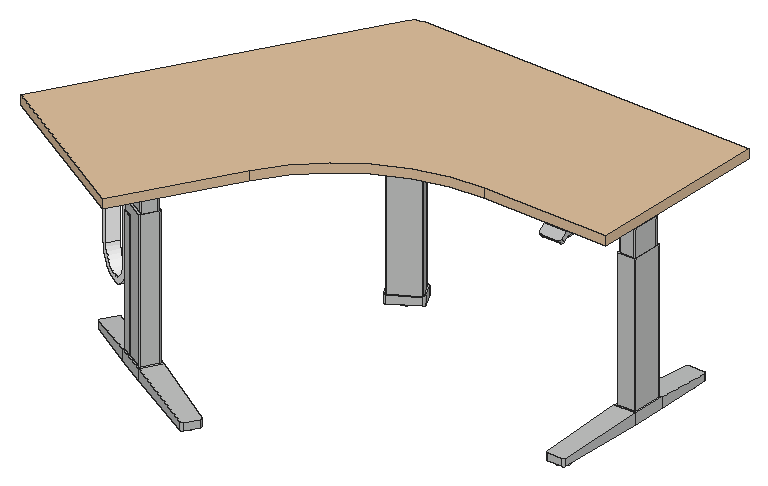
Revit family "Table-Teknion-JNTV-Navigate_Height_Adjustable_120-R2018", category Furniture, Revit 2018 (continued)
Dimensions and locks (in)
  aligned and locked: Sweep 14 sketch curve to plane 3 "Center Left/Right"
  aligned and locked: plane 3 "Center Left/Right" to Sweep 15 sketch curve
  aligned and locked: plane 23 to Sweep 15 sketch curve
  aligned and locked: plane 22 to Sweep 15 sketch curve
  aligned and locked: plane 1 "Center Front/Back" to Sweep 16 sketch curve
  aligned and locked: plane 25 to Sweep 16 sketch curve
  aligned and locked: Sweep 17 sketch curve to plane 16 "B Side Front/Back"
  aligned and locked: plane 26 to Sweep 17 sketch curve
  aligned and locked: plane 8 "Top" to Sweep 18 sketch curve
  aligned and locked: plane 3 "Center Left/Right" to Sweep 18 sketch curve
  aligned and locked: plane 23 to Sweep 18 sketch curve
  aligned and locked: Sweep 18 sketch curve to plane 6 "Back"
  aligned and locked: plane 5 "Right" to Sweep 18 sketch curve
  aligned and locked: Sweep 18 sketch curve to plane 15
  aligned and locked: Sweep 18 sketch curve to plane 14
  aligned and locked: Sweep 18 sketch curve to plane 11
  aligned and locked: Sweep 18 sketch curve to plane 13
  aligned and locked: plane 8 "Top" to Sweep 19 sketch curve
  aligned and locked: plane 23 to Sweep 19 sketch curve
  aligned and locked: Sweep 19 sketch curve to plane 3 "Center Left/Right"
  aligned and locked: plane 8 "Top" to Sweep 20 sketch curve
  aligned and locked: plane 23 to Sweep 20 sketch curve
  aligned and locked: Sweep 20 sketch curve to plane 3 "Center Left/Right"
  aligned and locked: plane 19 to Sweep 21 sketch curve
  aligned and locked: plane 3 "Center Left/Right" to Sweep 21 sketch curve
  aligned and locked: plane 18 to Sweep 21 sketch curve
  aligned and locked: Sweep 22 sketch curve to plane 1 "Center Front/Back"
  aligned and locked: plane 12 to Sweep 22 sketch curve
  aligned and locked: plane 9 to Sweep 23 sketch curve
  aligned and locked: plane 16 "B Side Front/Back" to Sweep 23 sketch curve
  aligned and locked: plane 3 "Center Left/Right" to Sweep 24 sketch curve
  aligned and locked: plane 18 to Sweep 24 sketch curve
  aligned and locked: Sweep 25 sketch curve to plane 1 "Center Front/Back"
  aligned and locked: plane 12 to Sweep 25 sketch curve
  aligned and locked: plane 9 to Sweep 26 sketch curve
  aligned and locked: plane 16 "B Side Front/Back" to Sweep 26 sketch curve
  aligned and locked: plane 1 "Center Front/Back" to Sweep 27 sketch curve
  aligned and locked: plane 3 "Center Left/Right" to SweptBlend 28 sketch curve
  aligned and locked: plane 19 to Sweep 29 sketch curve
  aligned and locked: plane 3 "Center Left/Right" to Sweep 29 sketch curve
  aligned and locked: plane 3 "Center Left/Right" to Sweep 30 sketch curve
  aligned and locked: plane 19 to Sweep 30 sketch curve
  aligned and locked: plane 1 "Center Front/Back" to Sweep 31 sketch curve
  aligned and locked: plane 16 "B Side Front/Back" to Sweep 32 sketch curve
  aligned and locked: plane 3 "Center Left/Right" to Sweep 33 sketch curve
  aligned and locked: plane 3 "Center Left/Right" to Sweep 34 sketch curve
  aligned and locked: plane 3 "Center Left/Right" to Sweep 35 sketch curve
  aligned and locked: plane 3 "Center Left/Right" to Sweep 36 sketch curve
  aligned and locked: plane 8 "Top" to Sweep 37 sketch curve
  aligned and locked: Sweep 37 sketch curve to plane 3 "Center Left/Right"
  aligned and locked: plane 8 "Top" to Sweep 38 sketch curve
  aligned and locked: Sweep 38 sketch curve to plane 3 "Center Left/Right"
  aligned and locked: Sweep 39 sketch curve to plane 10
  aligned and locked: Sweep 40 sketch curve to plane 10
  aligned and locked: Sweep 41 sketch curve to plane 10
  aligned and locked: plane 8 "Top" to Sweep 41 sketch curve
  aligned and locked: Sweep 42 sketch curve to plane 10
  aligned and locked: plane 8 "Top" to Sweep 43 sketch curve
  aligned and locked: plane 10 to Sweep 43 sketch curve
  aligned and locked: plane 1 "Center Front/Back" to Sweep 44 sketch curve
  aligned and locked: plane 1 "Center Front/Back" to Sweep 45 sketch curve
  aligned and locked: plane 3 "Center Left/Right" to Sweep 46 sketch curve
  aligned and locked: plane 30 to Sweep 47 sketch curve
  aligned and locked: Sweep 47 sketch curve to plane 1 "Center Front/Back"
  aligned and locked: Sweep 48 sketch curve to plane 3 "Center Left/Right"
  aligned and locked: Sweep 49 sketch curve to plane 3 "Center Left/Right"
  aligned and locked: Sweep 50 sketch curve to plane 30
  aligned and locked: Sweep 51 sketch curve to plane 3 "Center Left/Right"
  aligned and locked: plane 3 "Center Left/Right" to Sweep 52 sketch curve
  aligned and locked: plane 10 to Sweep 53 sketch curve
  aligned and locked: Sweep 54 sketch curve to plane 10
  aligned and locked: plane 10 to Sweep 55 sketch curve
  aligned and locked: Sweep 56 sketch curve to plane 3 "Center Left/Right"
  aligned and locked: Sweep 57 sketch curve to plane 3 "Center Left/Right"
  aligned and locked: nested 2 to plane 10
  aligned and locked: nested 2 to plane 16 "B Side Front/Back"
  aligned and locked: nested 1 to plane 1 "Center Front/Back"
  aligned and locked: nested 1 to plane 3 "Center Left/Right"
Automatic sketch dimensions
  Sweep 2 sketch curve to Sweep 2 sketch curve = 0.04323"
  Sweep 2 sketch curve to Sweep 2 sketch curve = 0.05906"  (x4)
  Sweep 2 sketch curve to Sweep 2 sketch curve = 0.10229"
  Sweep 3 sketch curve to Sweep 3 sketch curve = 0.10229"  (x3)
  Sweep 3 sketch curve to Sweep 3 sketch curve = 0.05906"
  Sweep 4 sketch curve to Sweep 4 sketch curve = 0.05906"  (x9)
  Sweep 4 sketch curve to Sweep 4 sketch curve = 0.04323"
  Sweep 5 sketch curve to Sweep 5 sketch curve = 0.05906"  (x8)
  Sweep 5 sketch curve to Sweep 5 sketch curve = 0.10229"
  Sweep 5 sketch curve to Sweep 5 sketch curve = 0.04323"
  Sweep 6 sketch curve to Sweep 6 sketch curve = 0.16535"  (x4)
  Sweep 7 sketch curve to Sweep 7 sketch curve = 0.07874"  (x4)
  Sweep 7 sketch curve to plane 1 "Center Front/Back" = 2.26149"
  Sweep 7 sketch curve to Sweep 7 sketch curve = 0.000"
  Sweep 7 sketch curve to Sweep 7 sketch curve = 0.27733"  (x2)
  Sweep 7 sketch curve to Sweep 7 sketch curve = 0.19373"  (x2)
  Sweep 7 sketch curve to Sweep 7 sketch curve = 1.5953"
  Sweep 7 sketch curve to Sweep 7 sketch curve = 0.2618"
  Sweep 7 sketch curve to Sweep 7 sketch curve = 2.29152"
  Sweep 7 sketch curve to Sweep 7 sketch curve = 0.21064"
  Sweep 7 sketch curve to Sweep 7 sketch curve = 3.95505"
  Sweep 7 sketch curve to Sweep 7 sketch curve = 2.28345"
  Sweep 7 sketch curve to Sweep 7 sketch curve = 0.23676"
  Sweep 8 sketch curve to profile plane = 3.59486"
  profile plane to Sweep 8 sketch curve = 1.38251"
  Sweep 8 sketch curve to Sweep 8 sketch curve = 3.76107"
  Sweep 8 sketch curve to Sweep 8 sketch curve = 2.17146"
  plane 1 "Center Front/Back" to Sweep 8 sketch curve = 0.22311"
  Sweep 11 sketch curve to Sweep 11 sketch curve = 0.11528"
  Sweep 11 sketch curve to Sweep 11 sketch curve = 0.15748"  (x7)
  Sweep 11 sketch curve to Sweep 11 sketch curve = 0.27276"  (x2)
  Sweep 12 sketch curve to Sweep 12 sketch curve = 0.17048"
  Sweep 12 sketch curve to Sweep 12 sketch curve = 0.09843"  (x5)
  Sweep 13 sketch curve to profile plane = 2.37565"
  Sweep 13 sketch curve to Sweep 13 sketch curve = 0.09843"  (x3)
  Sweep 13 sketch curve to Sweep 13 sketch curve = 0.01181"  (x3)
  Sweep 13 sketch curve to Sweep 13 sketch curve = 3.92126"
  Sweep 13 sketch curve to Sweep 13 sketch curve = 0.11024"
  level to Sweep 13 sketch curve = 25.98819"
  Sweep 13 sketch curve to Sweep 13 sketch curve = 1.60236"  (x2)
  Sweep 20 sketch curve to Sweep 20 sketch curve = 0.000"
  Sweep 21 sketch curve to Sweep 21 sketch curve = 0.09785"
  Sweep 21 sketch curve to Sweep 21 sketch curve = 0.21651"
  Sweep 24 sketch curve to Sweep 24 sketch curve = 0.09662"
  Sweep 24 sketch curve to Sweep 24 sketch curve = 0.13342"
  SweptBlend 28 sketch curve to SweptBlend 28 sketch curve = 0.000"  (x4)
  Sweep 31 sketch curve to Sweep 31 sketch curve = 0.74803"
  Sweep 32 sketch curve to Sweep 32 sketch curve = 0.74803"
  Sweep 34 sketch curve to Sweep 34 sketch curve = 0.132"  (x2)
  Sweep 34 sketch curve to Sweep 34 sketch curve = 0.31231"
  Sweep 34 sketch curve to Sweep 34 sketch curve = 0.18031"  (x5)
  Sweep 34 sketch curve to Sweep 34 sketch curve = 0.58662"
  Sweep 34 sketch curve to Sweep 34 sketch curve = 0.18032"
  Sweep 35 sketch curve to Sweep 35 sketch curve = 0.000"
  Sweep 35 sketch curve to Sweep 35 sketch curve = 0.1422"  (x3)
  Sweep 35 sketch curve to Sweep 35 sketch curve = 0.29194"
  Sweep 35 sketch curve to Sweep 35 sketch curve = 0.58387"  (x2)
  Sweep 35 sketch curve to Sweep 35 sketch curve = 0.52636"  (x2)
  Sweep 35 sketch curve to Sweep 35 sketch curve = 0.49985"  (x2)
  Sweep 35 sketch curve to Sweep 35 sketch curve = 1.02621"
  Sweep 36 sketch curve to Sweep 36 sketch curve = 0.000"
  Sweep 36 sketch curve to Sweep 36 sketch curve = 0.1422"  (x3)
  Sweep 36 sketch curve to Sweep 36 sketch curve = 0.29194"
  Sweep 36 sketch curve to Sweep 36 sketch curve = 0.58387"
  Sweep 36 sketch curve to Sweep 36 sketch curve = 1.70806"
  Sweep 36 sketch curve to Sweep 36 sketch curve = 0.52636"  (x2)
  Sweep 36 sketch curve to Sweep 36 sketch curve = 0.49985"
  Sweep 36 sketch curve to Sweep 36 sketch curve = 1.02621"
  Sweep 36 sketch curve to Sweep 36 sketch curve = 0.44739"
  Sweep 39 sketch curve to Sweep 39 sketch curve = 0.000"
  Sweep 39 sketch curve to Sweep 39 sketch curve = 0.1422"  (x3)
  Sweep 39 sketch curve to Sweep 39 sketch curve = 0.29194"
  Sweep 39 sketch curve to Sweep 39 sketch curve = 0.58387"
  Sweep 39 sketch curve to Sweep 39 sketch curve = 1.70806"
  Sweep 39 sketch curve to Sweep 39 sketch curve = 0.52636"  (x2)
  Sweep 39 sketch curve to Sweep 39 sketch curve = 0.49985"  (x2)
  Sweep 39 sketch curve to Sweep 39 sketch curve = 1.02621"
  Sweep 40 sketch curve to Sweep 40 sketch curve = 0.000"
  Sweep 40 sketch curve to Sweep 40 sketch curve = 0.1422"  (x3)
  Sweep 40 sketch curve to Sweep 40 sketch curve = 0.29194"
  Sweep 40 sketch curve to Sweep 40 sketch curve = 0.58387"  (x2)
  Sweep 40 sketch curve to Sweep 40 sketch curve = 0.079"
  Sweep 40 sketch curve to Sweep 40 sketch curve = 0.52636"
  Sweep 40 sketch curve to Sweep 40 sketch curve = 0.49985"  (x2)
  Sweep 40 sketch curve to Sweep 40 sketch curve = 1.02621"
  Sweep 48 sketch curve to Sweep 48 sketch curve = 0.5248"
  Sweep 52 sketch curve to Sweep 52 sketch curve = 0.5248"
  Sweep 52 sketch curve to Sweep 52 sketch curve = 0.5252"
  radius of Sweep 1 sketch curve = 0.985"  (x5)
Nested families (in)
  nested 1: "Table-Teknion-JNTV-Navigate_Height_Adjustable_120-Right2Ds-2018" at (0, 0, 0), External Powerbar <- "External Powerbar", Frame Integrated Powerbar <- "Frame Integrated Powerbar", Frame Integrated Powerbar with IEC Outlet <- "Frame Integrated Powerbar with IEC Outlet", Right e-Chain Vertical Cable Manager Visibility <- "Right e-Chain Vertical Cable Manager Visibility", Curved Corner Detail <- "Curved Corner Detail", Diamond & Square Cut-outs - Left <- "Diamond & Square Cut-outs - Left", Diamond & Square Cut-outs - Right <- "Diamond & Square Cut-outs - Right", Diamond Cut-outs - Left <- "Diamond Cut-outs - Left", Diamond Cut-outs - Right <- "Diamond Cut-outs - Right", Square Cut-outs - Left <- "Square Cut-outs - Left", Square Cut-outs - Right <- "Square Cut-outs - Right", Width A <- "Width A", type <- "Right 2Ds", type "23" Depth, Standard Width Configuration"
    with Width B 43.000", Width A 43.000", Standard Corner Detail yes, Square Cut-outs - Right no, Square Cut-outs - Left no, SR Cutout Offset 1.000", SL Cutout Offset 1.000", Right e-Chain Vertical Cable Manager Visibility no, Powerbar Notes "Select one Powerbar option. Unselecting all options will be show no Powerbar.", No Powerbar yes, No Cut-outs yes, NN or E yes, Midsupport Offset Side B 4.551", Midsupport Offset Side A 4.551", Internal Power Offset 11.297", I or P no, Grommet Offset 4.814", Frame Integrated Powerbar with IEC Outlet no, Frame Integrated Powerbar no, External Powerbar Offset 6.624", External Powerbar no, E-Chain Notes "Select one or none of the Echain options below", Diamond Cut-outs - Right no, Diamond Cut-outs - Left no, Diamond & Square Cut-outs - Right no, Diamond & Square Cut-outs - Left no, Desk Edge Width 34.891", DR Cutout Offset 1.000", DL Cutout Offset 1.000", D Right no, D Left no, Cut-Out Style Note "Select one of the Worksurface Cutout options below.", Curved Corner Detail no, Corner Profile Cut 1.000", Corner Detail Note "Select one of the Corner options below.", CR Cutout Offset 1.000", CL Cutout Offset 1.000", Available Widths "43, 46, 49, 52, 55, 58, 61,or 64 inches", Actual Width B 30.092", Actual Width A 30.092", Actual Width 30.092"
  nested 2: "Table-Teknion-JNTV-Navigate_Height_Adjustable_120-Left2Ds-2018" at (0, 0, 0) x (-0.5, -0.866, 0) z (0, 0, 1), type <- "Left 2Ds", External Powerbar <- "External Powerbar", Frame Integrated Powerbar <- "Frame Integrated Powerbar", Frame Integrated Powerbar with IEC Outlet <- "Frame Integrated Powerbar with IEC Outlet", Left e-Chain Vertical Cable Manager Visibility <- "Left e-Chain Vertical Cable Manager Visibility", Curved Corner Detail <- "Curved Corner Detail", Diamond & Square Cut-outs - Left <- "Diamond & Square Cut-outs - Left", Diamond & Square Cut-outs - Right <- "Diamond & Square Cut-outs - Right", Diamond Cut-outs - Left <- "Diamond Cut-outs - Left", Diamond Cut-outs - Right <- "Diamond Cut-outs - Right", Square Cut-outs - Left <- "Square Cut-outs - Left", Square Cut-outs - Right <- "Square Cut-outs - Right", Width A <- "Width A", type "23" Depth, Standard - Recessed on Left"
    with Width B 43.000", Width A 43.000", Standard Corner Detail yes, Square Cut-outs - Right no, Square Cut-outs - Left no, SR Cutout Offset 1.000", SL Cutout Offset 1.000", Powerbar Notes "Select one Powerbar option. Unselecting all options will be show no Powerbar.", No Powerbar yes, No Cut-outs yes, NN or E yes, Midsupport Offset Side B 4.551", Midsupport Offset Side A 1.551", Left e-Chain Vertical Cable Manager Visibility yes, Internal Power Offset 11.297", I or P no, Grommet Offset 4.814", Frame Integrated Powerbar with IEC Outlet no, Frame Integrated Powerbar no, External Powerbar Offset 4.835", External Powerbar no, E-Chain Notes "Select one or none of the Echain options below", Diamond Cut-outs - Right no, Diamond Cut-outs - Left no, Diamond & Square Cut-outs - Right no, Diamond & Square Cut-outs - Left no, Desk Edge Width 34.891", DR Cutout Offset 1.000", DL Cutout Offset 1.000", D Right no, D Left no, Cut-Out Style Note "Select one of the Worksurface Cutout options below.", Curved Corner Detail no, Corner Profile Cut 1.000", Corner Detail Note "Select one of the Corner options below.", CR Cutout Offset 1.000", CL Cutout Offset 1.000", Available Widths "43, 46, 49, 52, 55, 58, 61,or 64 inches", Actual Width B 30.092", Actual Width A 27.092", Actual Width 30.092"
Definition of nested family "Table-Teknion-JNTV-Navigate_Height_Adjustable_120-Right2Ds-2018"
  Parameters (values of type "29" Depth, Standard - Recessed on Right")
    Width B [instance] = Width A  # 43.000"
    Width A [instance] = 43.000"
    SR Cutout Offset [instance] = if([Square Cut-outs - Right], 4.000", 1.000")  # 1.000"
    SL Cutout Offset [instance] = if([Square Cut-outs - Left], 4.000", 1.000")  # 1.000"
    Right e-Chain Vertical Cable Manager Visibility [instance] = no
    NN or E [instance] = or(No Powerbar, External Powerbar)  # yes
    Midsupport Offset Side B [instance] = if([29 Foot], if(L, 0.974", 3.974"), if(L, 1.551", 4.551"))  # 3.974"
    Midsupport Offset Side A [instance] = if([29 Foot], if(R, 0.974", 3.974"), if(R, 1.551", 4.551"))  # 0.974"
    Midsupport Inner = if([23 Foot], 10.778" + 0.577", 10.778")  # 10.778"
    Internal Power Offset [instance] = if(or(Actual Width = 36.092", Actual Width = 35.515"), 11.297", if(or(Actual Width = 39.092", Actual Width = 38.515"), 12.797", if(or(Actual Width = 42.092", Actual Width = 41.515"), 14.297", if(or(Actual Width = 45.092", Actual Width = 44.515"), 15.797", if(or(Actual Width = 48.092", Actual Width = 47.515"), 17.297", if(or(Actual Width = 51.092", Actual Width = 50.515"), 18.797", 11.297"))))))  # 11.297"
    I or P [instance] = or(Frame Integrated Powerbar, Frame Integrated Powerbar with IEC Outlet)  # no
    Grommet Offset [instance] = if(or(Actual Width = 30.092", Actual Width = 29.515"), 4.814", if(or(Actual Width = 33.092", Actual Width = 32.515"), 14.314", 7.814"))  # 4.814"
    External Powerbar Offset [instance] = if(Actual Width A = 29.515", 6.335", if(Actual Width A = 32.515", 7.835", if(Actual Width A = 30.092", 6.624", if(Actual Width A = 33.092", 8.124", if(Actual Width A = 26.515", 5.124", if(Actual Width A = 27.092", 4.835", 6.335"))))))  # 5.124"
    Desk Edge Width [instance] = Actual Width + 4.799"  # 34.314"
    Description = "Navigate Height-Adjustable Base - 120 , 29\" Depth A, 29\" Depth B, Standard - Recessed on Right"
    DR Cutout Offset [instance] = if([Diamond Cut-outs - Right], 4.000", 1.000")  # 1.000"
    Diamond Cut-outs - Right [instance] = no
    Square Cut-outs - Right [instance] = no
    Square Cut-outs - Left [instance] = no
    No Cut-outs [instance] = not(or([Diamond & Square Cut-outs - Left], [Diamond & Square Cut-outs - Right], [Diamond Cut-outs - Right], [Diamond Cut-outs - Left], [Square Cut-outs - Left], [Square Cut-outs - Right]))  # yes
    DL Cutout Offset [instance] = if([Diamond Cut-outs - Left], 4.000", 1.000")  # 1.000"
    Diamond Cut-outs - Left [instance] = no
    D Right [instance] = or([Diamond & Square Cut-outs - Right], [Diamond Cut-outs - Right])  # no
    D Left [instance] = or([Diamond & Square Cut-outs - Left], [Diamond Cut-outs - Left])  # no
    Cut-Out Style Note [instance] = "Select one of the Worksurface Cutout options below."  # constant formula
    Corner Profile Cut [instance] = if(Curved Corner Detail, 4.000", 1.000")  # 1.000"
    Diamond & Square Cut-outs - Right [instance] = no
    CR Cutout Offset [instance] = if([Diamond & Square Cut-outs - Right], 4.000", 1.000")  # 1.000"
    CL Cutout Offset [instance] = if([Diamond & Square Cut-outs - Left], 4.000", 1.000")  # 1.000"
    Diamond & Square Cut-outs - Left [instance] = no
    Warranty = "http://www.teknion.com/ca/papers/legal-canada"
    Unit Weight URL = "http://www.teknion.com/ca/tools/assets#&asset=bee6a381-b954-425e-8283-5a2de3a804f2,f828d448-4b62-4231-9e5f-9a8991c0ed77"
    URL = "www.teknion.com"
    Sustainability Data = "https://www.teknion.com/ca/tools/assets#&topic=216f99a5-57a0-44fc-b10a-9dee9b29ae4c&asset=444deb64-fe58-4b68-981e-f75e97781df7,b4ff2d81-9f2e-437d-9659-7cffb09c31cf"
    Standard Corner Detail [instance] = not(Curved Corner Detail)  # yes
    Series = "Expansion Cityline"  # constant formula
    S = no
    R = yes
    Product Page URL = "https://www.teknion.com/ca/products/product-details?productlineid=9ad2a26e-8e7a-673b-a6c8-ff05004460c4"
    Product Line = "Expansion Cityline"  # constant formula
    Product Documentation Link 2 = "https://www.teknion.com/pricing/expansion-cityline/pdfs/JNHV_ppg.pdf"
    Product Documentation Link = "https://www.teknion.com/pricing/expansion-cityline/pdfs/JNTV_ppg.pdf"
    Powerbar Notes [instance] = "Select one Powerbar option. Unselecting all options will be show no Powerbar."  # constant formula
    Part Number = "JNTV"  # constant formula
    No Powerbar [instance] = not(or(External Powerbar, Frame Integrated Powerbar, Frame Integrated Powerbar with IEC Outlet))  # yes
    Model = "JNTVN_2929__R_"
    Manufacturer Phone = "416-661-3370"  # constant formula
    Manufacturer Fax = "416.661.4586"  # constant formula
    Manufacturer Contact Information = "http://www.teknion.com/ca/contactus"
    Manufacturer Address = "1150 Flint Road, Toronto, ON. M3J 2J5. Canada"  # constant formula
    Manufacturer = "Teknion"  # constant formula
    L = no
    Frame Integrated Powerbar [instance] = no
    Frame Integrated Powerbar with IEC Outlet [instance] = no
    External Powerbar [instance] = no
    Depth = if([23 Foot], 23.000", 29.000")  # 29.000"
    Curved Corner Detail [instance] = no
    Corner Detail Note [instance] = "Select one of the Corner options below."  # constant formula
    Available Widths [instance] = if(or(Frame Integrated Powerbar, Frame Integrated Powerbar with IEC Outlet), "49, 52, 55, 58, 61,or 64 inches", if(External Powerbar, "43 or 46 inches", "43, 46, 49, 52, 55, 58, 61,or 64 inches"))  # "43, 46, 49, 52, 55, 58, 61,or 64 inches"
    Assembly Code = "E2020200"
    Actual Width B [instance] = if(or(S, R), Actual Width, Actual Width - 3.000")  # 29.515"
    Actual Width A [instance] = if(or(S, L), Actual Width, Actual Width - 3.000")  # 26.515"
    Actual Width [instance] = if(Depth = 23.000", if(or(Frame Integrated Powerbar, Frame Integrated Powerbar with IEC Outlet), if(or(Width A < 49.000", Width A = 49.000"), 36.092", if(Width A = 52.000", 39.092", if(Width A = 55.000", 42.092", if(Width A = 58.000", 45.092", if(Width A = 61.000", 48.092", if(Width A = 64.000", 51.092", if(Width A > 64.000", 51.092", 36.092"))))))), if(External Powerbar, if(or(Width A < 43.000", Width A = 43.000"), 30.092", if(or(Width A > 46.000", Width A = 46.000"), 33.092", 30.092")), if(or(Width A < 43.000", Width A = 43.000"), 30.092", if(Width A = 46.000", 33.092", if(or(Width A < 49.000", Width A = 49.000"), 36.092", if(Width A = 52.000", 39.092", if(Width A = 55.000", 42.092", if(Width A = 58.000", 45.092", if(Width A = 61.000", 48.092", if(Width A = 64.000", 51.092", if(Width A > 64.000", 51.092", 36.092"))))))))))), if(or(Frame Integrated Powerbar, Frame Integrated Powerbar with IEC Outlet), if(or(Width A < 49.000", Width A = 49.000"), 35.515", if(Width A = 52.000", 38.515", if(Width A = 55.000", 41.515", if(Width A = 58.000", 44.515", if(Width A = 61.000", 47.515", if(Width A = 64.000", 50.515", if(Width A > 64.000", 50.515", 35.515"))))))), if(External Powerbar, if(or(Width A < 43.000", Width A = 43.000"), 29.515", if(or(Width A > 46.000", Width A = 46.000"), 32.515", 29.515")), if(or(Width A < 43.000", Width A = 43.000"), 29.515", if(Width A = 46.000", 32.515", if(or(Width A < 49.000", Width A = 49.000"), 35.515", if(Width A = 52.000", 38.515", if(Width A = 55.000", 41.515", if(Width A = 58.000", 44.515", if(Width A = 61.000", 47.515", if(Width A = 64.000", 50.515", if(Width A > 64.000", 50.515", 29.515"))))))))))))  # 29.515"
    Actual Depth B = if([23 Foot], 8.955", 13.955")  # 13.955"
    Actual Depth A = if([23 Foot], 14.045", 15.045")  # 15.045"
    29 Foot = not([23 Foot])  # yes
    23 Foot = no
    E-Chain Notes [instance] = "Select one or none of the Echain options below"  # constant formula
  Types (5): name | Width B | Width A | Midsupport Offset Side B | Midsupport Offset Side A | Midsupport Inner | Grommet Offset | External Powerbar Offset | Desk Edge Width | Description | Corner Profile Cut | Standard Corner Detail | S | R | Model | Depth | Curved Corner Detail | Actual Width B | Actual Width A | Actual Width | Actual Depth B | Actual Depth A | 29 Foot | 23 Foot
    (no name) | 43.000" | 43.000" | 3.974" | 0.974" | 10.778" | 4.814" | 5.124" | 34.314" | "Navigate Height-Adjustable Base - 120 , 29\" Depth A, 29\" Depth B, Standard - Recessed on Right" | 1.000" | yes | no | yes | "JNTVN_2929__R_" | 29.000" | no | 29.515" | 26.515" | 29.515" | 13.955" | 15.045" | yes | no
    23" Depth, Standard Width Configuration | 46.000" | 46.000" | 4.551" | 4.551" | 11.355" | 14.314" | 8.124" | 37.891" | "Navigate Height-Adjustable Base - 120 , 23\" Depth A, 23\" Depth B, Standard Width Configuration" | 4.000" | no | yes | no | "JNTVN_2323__S_" | 23.000" | yes | 33.092" | 33.092" | 33.092" | 8.955" | 14.045" | no | yes
    29" Depth, Standard Width Configuration | 49.000" | 49.000" | 3.974" | 3.974" | 10.778" | 7.814" | 6.335" | 40.314" | "Navigate Height-Adjustable Base - 120 , 29\" Depth A, 29\" Depth B, Standard Width Configuration" | 1.000" | yes | yes | no | "JNTVN_2929__S_" | 29.000" | no | 35.515" | 35.515" | 35.515" | 13.955" | 15.045" | yes | no
    23" Depth, Standard - Recessed on Right | 43.000" | 43.000" | 4.551" | 1.551" | 11.355" | 4.814" | 4.835" | 34.891" | "Navigate Height-Adjustable Base - 120 , 23\" Depth A, 23\" Depth B, Standard - Recessed on Right Width Configuration" | 1.000" | yes | no | yes | "JNTVN_2323__R_" | 23.000" | no | 30.092" | 27.092" | 30.092" | 8.955" | 14.045" | no | yes
    29" Depth, Standard - Recessed on Right | 43.000" | 43.000" | 3.974" | 0.974" | 10.778" | 4.814" | 5.124" | 34.314" | "Navigate Height-Adjustable Base - 120 , 29\" Depth A, 29\" Depth B, Standard - Recessed on Right" | 1.000" | yes | no | yes | "JNTVN_2929__R_" | 29.000" | no | 29.515" | 26.515" | 29.515" | 13.955" | 15.045" | yes | no
  Reference planes (in)
    plane 1 "Center Front/Back": y = 0
    plane 2: z = 0
    plane 3 "Center Left/Right": x = 0
    plane 4 "Left": x = -40.686
    plane 5 "Right": x = 34.314
    plane 6 "Back": y = 15.045
    plane 7 "Front": y = -54.88507
    plane 8 "Top": z = 29
    plane 9: through (-20.67107, -22.14654, 48) normal (0.5, 0.866, 0)
    plane 10: through (0, 0, 48) normal (-0.5, -0.866, 0)
    plane 11: through (-55.77379, -7.42138, 48) normal (0.5, 0.866, 0)
    plane 12: x = 26.515
    plane 13: through (-27.08762, -16.82713, 48) normal (-0.866, 0.5, 0)
    plane 14: through (-1.74671, -30.93539, 48) normal (-0.866, 0.5, 0)
    plane 15: y = -13.955
    plane 16 "B Side Front/Back": through (0, 0, 48) normal (0.866, -0.5, 0)
    plane 17: z = 0.2315
    plane 18: z = 0.27559
    plane 19: z = 1.65354
    plane 20: z = 19.30906
    plane 21: z = 22.59553
    plane 22: z = 25.88201
    plane 23: z = 27.81102
    plane 24: z = 11.29777
    plane 25: x = 0.974
    plane 26: through (-15.01635, 4.08092, 48) normal (0.5, 0.866, 0)
    plane 27: x = 4.814
    plane 28: through (-15.43635, 3.35345, 48) normal (0.5, 0.866, 0)
    plane 29: x = 5.124
    plane 30: x = 15.218
    plane 31: through (-22.13835, -8.25475, 48) normal (0.5, 0.866, 0)
  Lines and regions (in)
    Masking region 1, visible <- "Standard Corner Detail"
      outline origin (0, 0, 0) x (1, 0, 0) y (0, 1, 0)
        loop
          line (-30.18635, -22.1943) -> (-5.07162, -36.6943) -> (1.12872, -25.955)
          arc (1.12872, -25.955) -> (9.91333, -17.17039) -> (21.91333, -13.955) r 24
          line (21.91333, -13.955) -> (34.314, -13.955) -> (34.314, 15.045) -> (-7.53153, 15.045)
          arc (-7.53153, 15.045) -> (-8.53153, 14.77705) -> (-9.26359, 14.045) r 2
          line (-9.26359, 14.045) -> (-30.18635, -22.1943)
    Masking region 2, visible <- "Curved Corner Detail"
      outline origin (0, 0, 0) x (1, 0, 0) y (0, 1, 0)
        loop
          arc (-28.74934, -19.70533) -> (-29.03646, -21.88618) -> (-27.69738, -23.6313) r 2.87402
          line (-27.69738, -23.6313) -> (-7.56059, -35.25729)
          arc (-7.56059, -35.25729) -> (-5.37973, -35.5444) -> (-3.63461, -34.20533) r 2.87402
          line (-3.63461, -34.20533) -> (1.12872, -25.955)
          arc (1.12872, -25.955) -> (9.91333, -17.17039) -> (21.91333, -13.955) r 24
          line (21.91333, -13.955) -> (31.43998, -13.955)
          arc (31.43998, -13.955) -> (33.47222, -13.11322) -> (34.314, -11.08098) r 2.87402
          line (34.314, -11.08098) -> (34.314, 12.17098)
          arc (34.314, 12.17098) -> (33.47222, 14.20322) -> (31.43998, 15.045) r 2.87402
          line (31.43998, 15.045) -> (-7.53153, 15.045)
          arc (-7.53153, 15.045) -> (-8.53153, 14.77705) -> (-9.26359, 14.045) r 2
          line (-9.26359, 14.045) -> (-28.74934, -19.70533)
    symbolic lines, detail levels medium+fine
      curve 1: arc (-2.49333, -0.22118, 0) -> (-2.39771, -0.29456, 0) -> (-2.27821, -0.27882, 0) r 0.15748
      curve 2: line (-2.27821, -0.27882, 0) -> (-1.98312, -0.10845, 0)
      curve 3: line (-1.98312, -0.10845, 0) -> (-1.63272, -0.71535, 0)
      curve 4: arc (-1.63272, -0.71535, 0) -> (-1.51319, -0.80707, 0) -> (-1.36382, -0.7874, 0) r 0.19685
      curve 5: line (-1.36382, -0.7874, 0) -> (1.36382, 0.7874, 0)
      curve 6: arc (1.36382, 0.7874, 0) -> (1.45554, 0.90693, 0) -> (1.43587, 1.0563, 0) r 0.19685
      curve 7: line (1.43587, 1.0563, 0) -> (1.08548, 1.6632, 0)
      curve 8: line (1.08548, 1.6632, 0) -> (1.38057, 1.83358, 0)
      curve 9: arc (1.38057, 1.83358, 0) -> (1.45395, 1.9292, 0) -> (1.43822, 2.0487, 0) r 0.15748
      curve 10: line (1.43822, 2.0487, 0) -> (-1.86592, 7.77163, 0)
      curve 11: line (-1.86592, 7.77163, 0) -> (-0.69303, 8.44879, 0)
      curve 12: arc (-0.69303, 8.44879, 0) -> (-0.60132, 8.56832, 0) -> (-0.62098, 8.7177, 0) r 0.19685
      curve 13: line (-0.62098, 8.7177, 0) -> (-1.84145, 10.83162, 0)
      curve 14: arc (-1.84145, 10.83162, 0) -> (-1.96098, 10.92333, 0) -> (-2.11036, 10.90367, 0) r 0.19685
      curve 15: line (-2.11036, 10.90367, 0) -> (-3.28324, 10.2265, 0)
      curve 16: line (-3.28324, 10.2265, 0) -> (-3.48009, 10.56746, 0)
      curve 17: arc (-3.48009, 10.56746, 0) -> (-3.57571, 10.64083, 0) -> (-3.69521, 10.6251, 0) r 0.15748
      curve 18: line (-3.69521, 10.6251, 0) -> (-7.354, 8.5127, 0)
      curve 19: arc (-7.354, 8.5127, 0) -> (-7.42737, 8.41707, 0) -> (-7.41164, 8.29758, 0) r 0.15748
      curve 20: line (-7.41164, 8.29758, 0) -> (-7.21479, 7.95662, 0)
      curve 21: line (-7.21479, 7.95662, 0) -> (-8.38768, 7.27946, 0)
      curve 22: arc (-8.38768, 7.27946, 0) -> (-8.47939, 7.15993, 0) -> (-8.45973, 7.01055, 0) r 0.19685
      curve 23: line (-8.45973, 7.01055, 0) -> (-7.23926, 4.89663, 0)
      curve 24: arc (-7.23926, 4.89663, 0) -> (-7.11973, 4.80492, 0) -> (-6.97035, 4.82458, 0) r 0.19685
      curve 25: line (-6.97035, 4.82458, 0) -> (-5.79747, 5.50175, 0)
      curve 26: line (-5.79747, 5.50175, 0) -> (-2.49333, -0.22118, 0)
      curve 27: line (-3.45788, 2.28844, 0) -> (-0.25291, 4.13883, 0)
      curve 28: arc (-0.25291, 4.13883, 0) -> (-0.10616, 4.33008, 0) -> (-0.13762, 4.56908, 0) r 0.31496
      curve 29: line (-0.13762, 4.56908, 0) -> (-3.44266, 10.29357, 0)
      curve 30: arc (-3.44266, 10.29357, 0) -> (-3.63391, 10.44032, 0) -> (-3.87291, 10.40886, 0) r 0.31496
      curve 31: line (-3.87291, 10.40886, 0) -> (-7.07788, 8.55846, 0)
      curve 32: arc (-7.07788, 8.55846, 0) -> (-7.22463, 8.36722, 0) -> (-7.19317, 8.12822, 0) r 0.31496
      curve 33: line (-7.19317, 8.12822, 0) -> (-3.88813, 2.40372, 0)
      curve 34: arc (-3.88813, 2.40372, 0) -> (-3.69688, 2.25697, 0) -> (-3.45788, 2.28844, 0) r 0.31496
      curve 35: line (-5.68851, 6.152, 0) -> (-2.48354, 8.0024, 0)
      curve 36: arc (-2.48354, 8.0024, 0) -> (-2.32945, 8.20321, 0) -> (-2.36249, 8.45415, 0) r 0.33071
      curve 37: line (-2.36249, 8.45415, 0) -> (-3.42548, 10.29531, 0)
      curve 38: arc (-3.42548, 10.29531, 0) -> (-3.62629, 10.4494, 0) -> (-3.87724, 10.41636, 0) r 0.33071
      curve 39: line (-3.87724, 10.41636, 0) -> (-7.08221, 8.56596, 0)
      curve 40: arc (-7.08221, 8.56596, 0) -> (-7.2363, 8.36516, 0) -> (-7.20326, 8.11421, 0) r 0.33071
      curve 41: line (-7.20326, 8.11421, 0) -> (-6.14027, 6.27305, 0)
      curve 42: arc (-6.14027, 6.27305, 0) -> (-5.93946, 6.11897, 0) -> (-5.68851, 6.152, 0) r 0.33071
      curve 69: line (10.778, 6.71423, 0) -> (-1.25543, 6.71423, 0)
      curve 70: line (10.778, 2.37565, 0) -> (10.778, 6.71423, 0)
      curve 71: line (1.24945, 2.37565, 0) -> (10.778, 2.37565, 0)
      curve 72: line (0.974, 2.24967, 0) -> (0.974, 6.84022, 0)
      curve 73: line (0.974, 2.24967, 0) -> (25.99884, 2.24967, 0)
      curve 74: line (25.99884, 6.84022, 0) -> (0.974, 6.84022, 0)
      curve 75: line (25.99884, 2.24967, 0) -> (25.99884, 6.84022, 0)
      curve 76: line (22.93175, 6.85793, 0) -> (26.04215, 6.85793, 0)
      curve 77: line (26.04215, 6.85793, 0) -> (26.04215, 2.23195, 0)
      curve 78: line (26.04215, 2.23195, 0) -> (22.93175, 2.23195, 0)
      curve 79: line (22.93175, 2.23195, 0) -> (23.51852, -3.49436, 0)
      curve 80: arc (23.51852, -3.49436, 0) -> (23.67227, -3.79758, 0) -> (23.98959, -3.91962, 0) r 0.47353
      curve 81: line (23.98959, -3.91962, 0) -> (25.49628, -3.91962, 0)
      curve 82: arc (25.49628, -3.91962, 0) -> (25.81359, -3.79758, 0) -> (25.96734, -3.49436, 0) r 0.47353
      curve 83: line (25.96734, -3.49436, 0) -> (26.51459, 1.84623, 0)
      curve 84: line (26.51459, 1.84623, 0) -> (26.51459, 7.24365, 0)
      curve 85: line (26.51459, 7.24365, 0) -> (25.96734, 12.58425, 0)
      curve 86: arc (25.96734, 12.58425, 0) -> (25.81359, 12.88747, 0) -> (25.49628, 13.00951, 0) r 0.47353
      curve 87: line (25.49628, 13.00951, 0) -> (23.98959, 13.00951, 0)
      curve 88: arc (23.98959, 13.00951, 0) -> (23.67227, 12.88747, 0) -> (23.51852, 12.58425, 0) r 0.47353
      curve 89: line (23.51852, 12.58425, 0) -> (22.93175, 6.85793, 0)
      curve 143: line (6.69943, 6.93077, 0) -> (6.69943, 6.74179, 0)
      curve 144: line (6.69943, 6.74179, 0) -> (7.74943, 6.74179, 0)
      curve 145: line (7.74943, 6.74179, 0) -> (7.74943, 6.93077, 0)
      curve 146: line (7.74943, 6.93077, 0) -> (6.69943, 6.93077, 0)
      curve 175: line (23.33663, -13.9284, 0) -> (23.33663, -14.68527, 0)
      curve 176: spline (23.33663, -14.68527, 0) -> (23.3505, -14.71911, 0) -> (23.36957, -14.75139, 0) -> (23.39355, -14.78166, 0) -> (23.42209, -14.80946, 0) -> (23.45478, -14.83438, 0) -> (23.49112, -14.85606, 0) -> (23.5306, -14.87417, 0) -> (23.57261, -14.88846, 0) -> (23.61656, -14.89872, 0) -> (23.66179, -14.90478, 0) -> (23.70764, -14.90656, 0) -> (23.75342, -14.90404, 0)
      curve 177: line (23.75342, -14.90404, 0) -> (25.73314, -14.90404, 0)
      curve 178: spline (25.73314, -14.90404, 0) -> (25.77893, -14.90656, 0) -> (25.82477, -14.90478, 0) -> (25.87, -14.89872, 0) -> (25.91395, -14.88846, 0) -> (25.95597, -14.87417, 0) -> (25.99544, -14.85606, 0) -> (26.03179, -14.83438, 0) -> (26.06447, -14.80946, 0) -> (26.09302, -14.78166, 0) -> (26.117, -14.75139, 0) -> (26.13607, -14.71911, 0) -> (26.14994, -14.68527, 0)
      curve 179: line (26.14994, -14.68527, 0) -> (26.14994, -13.9284, 0)
      curve 180: line (26.14994, -13.9284, 0) -> (23.33663, -13.9284, 0)
      curve 181: line (23.33659, -14.66565, 0) -> (23.33659, -10.6378, 0)
      curve 182: line (26.14998, -10.6378, 0) -> (23.33659, -10.6378, 0)
      curve 183: line (26.14998, -14.66565, 0) -> (26.14998, -10.6378, 0)
      curve 224: line (18.80215, 6.39534, 0) -> (18.80215, 2.69455, 0)
      curve 225: arc (18.80215, 2.69455, 0) -> (18.89439, 2.47184, 0) -> (19.11711, 2.37959, 0) r 0.31496
      curve 226: line (19.11711, 2.37959, 0) -> (25.64191, 2.37959, 0)
      curve 227: arc (25.64191, 2.37959, 0) -> (25.86462, 2.47184, 0) -> (25.95687, 2.69455, 0) r 0.31496
      curve 228: line (25.95687, 2.69455, 0) -> (25.95687, 6.39534, 0)
      curve 229: arc (25.95687, 6.39534, 0) -> (25.86462, 6.61805, 0) -> (25.64191, 6.7103, 0) r 0.31496
      curve 230: line (25.64191, 6.7103, 0) -> (19.11711, 6.7103, 0)
      curve 231: arc (19.11711, 6.7103, 0) -> (18.89439, 6.61805, 0) -> (18.80215, 6.39534, 0) r 0.31496
      curve 233: line (26.0386, 2.37959, 0) -> (26.0386, 6.7103, 0)
      curve 234: line (23.28978, 6.69701, 0) -> (23.28978, 2.40013, 0)
      curve 240: line (25.7795, 6.51333, 0) -> (23.70636, 6.51333, 0)
      curve 241: arc (23.70636, 6.51333, 0) -> (23.60416, 6.47099, 0) -> (23.56183, 6.3688, 0) r 0.14453
      curve 242: line (23.56183, 6.3688, 0) -> (23.56183, 2.72085, 0)
      curve 243: arc (23.56183, 2.72085, 0) -> (23.60416, 2.61865, 0) -> (23.70636, 2.57632, 0) r 0.14453
      curve 244: line (23.70636, 2.57632, 0) -> (25.7795, 2.57632, 0)
      curve 245: arc (25.7795, 2.57632, 0) -> (25.8817, 2.61865, 0) -> (25.92403, 2.72085, 0) r 0.14453
      curve 246: line (25.92403, 2.72085, 0) -> (25.92403, 6.3688, 0)
      curve 247: arc (25.92403, 6.3688, 0) -> (25.8817, 6.47099, 0) -> (25.7795, 6.51333, 0) r 0.14453
    symbolic lines, detail levels fine
      curve 43: line (-5.79481, 6.33612, 0) -> (-2.58983, 8.18651, 0)
      curve 44: arc (-2.58983, 8.18651, 0) -> (-2.5348, 8.25823, 0) -> (-2.5466, 8.34785, 0) r 0.11811
      curve 45: line (-2.5466, 8.34785, 0) -> (-3.6096, 10.18901, 0)
      curve 46: arc (-3.6096, 10.18901, 0) -> (-3.68131, 10.24404, 0) -> (-3.77094, 10.23224, 0) r 0.11811
      curve 47: line (-3.77094, 10.23224, 0) -> (-6.97591, 8.38185, 0)
      curve 48: arc (-6.97591, 8.38185, 0) -> (-7.03094, 8.31013, 0) -> (-7.01914, 8.22051, 0) r 0.11811
      curve 49: line (-7.01914, 8.22051, 0) -> (-5.95615, 6.37935, 0)
      curve 50: arc (-5.95615, 6.37935, 0) -> (-5.88444, 6.32432, 0) -> (-5.79481, 6.33612, 0) r 0.11811
      curve 51: line (-5.72276, 6.60502, 0) -> (-2.85874, 8.25857, 0)
      curve 52: arc (-2.85874, 8.25857, 0) -> (-2.80371, 8.33028, 0) -> (-2.81551, 8.41991, 0) r 0.11811
      curve 53: line (-2.81551, 8.41991, 0) -> (-3.68165, 9.92011, 0)
      curve 54: arc (-3.68165, 9.92011, 0) -> (-3.75337, 9.97514, 0) -> (-3.84299, 9.96334, 0) r 0.11811
      curve 55: line (-3.84299, 9.96334, 0) -> (-6.70701, 8.3098, 0)
      curve 56: arc (-6.70701, 8.3098, 0) -> (-6.76204, 8.23808, 0) -> (-6.75024, 8.14845, 0) r 0.11811
      curve 57: line (-6.75024, 8.14845, 0) -> (-5.8841, 6.64825, 0)
      curve 58: arc (-5.8841, 6.64825, 0) -> (-5.81238, 6.59322, 0) -> (-5.72276, 6.60502, 0) r 0.11811
      curve 59: line (-5.65071, 6.87392, 0) -> (-3.12764, 8.33062, 0)
      curve 60: arc (-3.12764, 8.33062, 0) -> (-3.07261, 8.40233, 0) -> (-3.08441, 8.49196, 0) r 0.11811
      curve 61: line (-3.08441, 8.49196, 0) -> (-3.7537, 9.65121, 0)
      curve 62: arc (-3.7537, 9.65121, 0) -> (-3.82542, 9.70624, 0) -> (-3.91504, 9.69444, 0) r 0.11811
      curve 63: line (-3.91504, 9.69444, 0) -> (-6.43811, 8.23774, 0)
      curve 64: arc (-6.43811, 8.23774, 0) -> (-6.49314, 8.16603, 0) -> (-6.48134, 8.0764, 0) r 0.11811
      curve 65: line (-6.48134, 8.0764, 0) -> (-5.81205, 6.91716, 0)
      curve 66: arc (-5.81205, 6.91716, 0) -> (-5.74033, 6.86213, 0) -> (-5.65071, 6.87392, 0) r 0.11811
      curve 67: arc (-3.79819, 8.28469, 0) -> (-4.78319, 9.26969, 0) -> (-5.76819, 8.28469, 0) r 0.985
      curve 68: arc (-5.76819, 8.28469, 0) -> (-4.78319, 7.29969, 0) -> (-3.79819, 8.28469, 0) r 0.985
      curve 110: arc (25.64919, -12.60374, 0) -> (24.66419, -13.58874, 0) -> (23.67919, -12.60374, 0) r 0.985
      curve 111: arc (23.67919, -12.60374, 0) -> (24.66419, -11.61874, 0) -> (25.64919, -12.60374, 0) r 0.985
      curve 112: arc (25.64914, 13.69381, 0) -> (24.66414, 12.70881, 0) -> (23.67914, 13.69381, 0) r 0.985
      curve 113: arc (23.67914, 13.69381, 0) -> (24.66414, 14.67881, 0) -> (25.64914, 13.69381, 0) r 0.985
      curve 248: line (25.60999, 6.32254, 0) -> (23.88558, 6.32254, 0)
      curve 249: arc (23.88558, 6.32254, 0) -> (23.80206, 6.28795, 0) -> (23.76747, 6.20443, 0) r 0.11811
      curve 250: line (23.76747, 6.20443, 0) -> (23.76747, 2.88545, 0)
      curve 251: arc (23.76747, 2.88545, 0) -> (23.80206, 2.80194, 0) -> (23.88558, 2.76734, 0) r 0.11811
      curve 252: line (23.88558, 2.76734, 0) -> (25.60999, 2.76734, 0)
      curve 253: arc (25.60999, 2.76734, 0) -> (25.6935, 2.80194, 0) -> (25.7281, 2.88545, 0) r 0.11811
      curve 254: line (25.7281, 2.88545, 0) -> (25.7281, 6.20443, 0)
      curve 255: arc (25.7281, 6.20443, 0) -> (25.6935, 6.28795, 0) -> (25.60999, 6.32254, 0) r 0.11811
      curve 256: line (25.4459, 6.14892, 0) -> (24.04966, 6.14892, 0)
      curve 257: arc (24.04966, 6.14892, 0) -> (23.96615, 6.11431, 0) -> (23.93159, 6.03078, 0) r 0.11807
      curve 258: line (23.93159, 6.03078, 0) -> (23.93159, 3.0591, 0)
      curve 259: arc (23.93159, 3.0591, 0) -> (23.96615, 2.97557, 0) -> (24.04966, 2.94097, 0) r 0.11807
      curve 260: line (24.04966, 2.94097, 0) -> (25.4459, 2.94097, 0)
      curve 261: arc (25.4459, 2.94097, 0) -> (25.52941, 2.97557, 0) -> (25.56397, 3.0591, 0) r 0.11807
      curve 262: line (25.56397, 3.0591, 0) -> (25.56397, 6.03078, 0)
      curve 263: arc (25.56397, 6.03078, 0) -> (25.52941, 6.11431, 0) -> (25.4459, 6.14892, 0) r 0.11807
    symbolic lines, visible <- "23 Foot", detail levels medium+fine
      curve 90: line (23.47638, 13.77719, 0) -> (23.28978, 6.69701, 0)
      curve 91: arc (23.47638, 13.77719, 0) -> (23.55941, 13.96694, 0) -> (23.75129, 14.04494, 0) r 0.275
      curve 92: line (25.5778, 14.04494, 0) -> (23.75129, 14.04494, 0)
      curve 93: arc (25.5778, 14.04494, 0) -> (25.76967, 13.96694, 0) -> (25.8527, 13.77719, 0) r 0.275
      curve 94: line (26.0386, 6.72359, 0) -> (25.8527, 13.77719, 0)
      curve 100: line (23.28978, 2.40013, 0) -> (23.47883, -8.68475, 0)
      curve 101: arc (23.75379, -8.95506, 0) -> (23.561, -8.87616, 0) -> (23.47883, -8.68475, 0) r 0.275
      curve 102: line (23.75379, -8.95506, 0) -> (25.57529, -8.95506, 0)
      curve 103: arc (25.85025, -8.68475, 0) -> (25.76808, -8.87616, 0) -> (25.57529, -8.95506, 0) r 0.275
      curve 104: line (25.85025, -8.68475, 0) -> (26.0386, 2.35905, 0)
    symbolic lines, visible <- "29 Foot", detail levels medium+fine
      curve 95: line (23.47686, 14.77632, 0) -> (23.28978, 6.7103, 0)
      curve 96: arc (23.47686, 14.77632, 0) -> (23.5596, 14.96664, 0) -> (23.75179, 15.04494, 0) r 0.275
      curve 97: arc (25.5766, 15.04494, 0) -> (25.76879, 14.96664, 0) -> (25.85152, 14.77632, 0) r 0.275
      curve 98: line (26.0386, 6.7103, 0) -> (25.85152, 14.77632, 0)
      curve 99: line (25.5766, 15.04494, 0) -> (23.75179, 15.04494, 0)
      curve 105: line (23.28978, 2.37959, 0) -> (23.47987, -13.68331, 0)
      curve 106: arc (23.75485, -13.95506, 0) -> (23.56155, -13.87566, 0) -> (23.47987, -13.68331, 0) r 0.275
      curve 107: line (23.75485, -13.95506, 0) -> (25.59824, -13.95506, 0)
      curve 108: arc (25.84822, -13.70802, 0) -> (25.77396, -13.88288, 0) -> (25.59824, -13.95506, 0) r 0.25
      curve 109: line (25.84822, -13.70802, 0) -> (26.0386, 2.37959, 0)
    symbolic lines, visible <- "External Powerbar", detail levels medium+fine
      curve 114: line (15.98069, 6.89927, 0) -> (15.98069, 8.04101, 0)
      curve 115: line (15.98069, 8.04101, 0) -> (6.24053, 8.04101, 0)
      curve 116: line (6.24053, 8.04101, 0) -> (6.24053, 6.89927, 0)
      curve 117: line (6.24053, 6.89927, 0) -> (15.98069, 6.89927, 0)
      curve 118: line (17.09683, 6.84022, 0) -> (17.09683, 8.10006, 0)
      curve 119: line (17.09683, 8.10006, 0) -> (5.124, 8.10006, 0)
      curve 120: line (5.124, 8.10006, 0) -> (5.124, 6.84022, 0)
      curve 121: line (5.124, 6.84022, 0) -> (17.09683, 6.84022, 0)
      curve 122: line (10.92892, 8.22998, 0) -> (9.87892, 8.22998, 0)
      curve 123: line (9.87892, 8.22998, 0) -> (9.87892, 8.10006, 0)
      curve 124: line (10.92892, 8.10006, 0) -> (10.92892, 8.22998, 0)
      curve 125: line (12.18876, 8.22998, 0) -> (11.13876, 8.22998, 0)
      curve 126: line (11.13876, 8.22998, 0) -> (11.13876, 8.10006, 0)
      curve 127: line (12.18876, 8.10006, 0) -> (12.18876, 8.22998, 0)
      curve 128: line (13.4486, 8.22998, 0) -> (12.3986, 8.22998, 0)
      curve 129: line (12.3986, 8.22998, 0) -> (12.3986, 8.10006, 0)
      curve 130: line (13.4486, 8.10006, 0) -> (13.4486, 8.22998, 0)
      curve 131: line (14.70845, 8.22998, 0) -> (13.65845, 8.22998, 0)
      curve 132: line (13.65845, 8.22998, 0) -> (13.65845, 8.10006, 0)
      curve 133: line (14.70845, 8.10006, 0) -> (14.70845, 8.22998, 0)
    symbolic lines, visible <- "I or P", detail levels medium+fine
      curve 134: line (5.84569, 6.74179, 0) -> (5.84569, 3.78904, 0)
      curve 135: line (5.84569, 3.78904, 0) -> (15.218, 3.78904, 0)
      curve 136: line (15.218, 3.78904, 0) -> (15.218, 6.74179, 0)
      curve 137: line (15.218, 6.74179, 0) -> (5.84569, 6.74179, 0)
      curve 147: line (8.27423, 6.93077, 0) -> (8.27423, 6.74179, 0)
      curve 148: line (8.27423, 6.74179, 0) -> (9.32423, 6.74179, 0)
      curve 149: line (9.32423, 6.74179, 0) -> (9.32423, 6.93077, 0)
      curve 150: line (9.32423, 6.93077, 0) -> (8.27423, 6.93077, 0)
      curve 154: line (10.89903, 6.93077, 0) -> (9.84903, 6.93077, 0)
      curve 155: line (9.84903, 6.93077, 0) -> (9.84903, 6.74179, 0)
      curve 156: line (9.84903, 6.74179, 0) -> (10.89903, 6.74179, 0)
      curve 157: line (10.89903, 6.74179, 0) -> (10.89903, 6.93077, 0)
      curve 161: line (12.47384, 6.93077, 0) -> (11.42384, 6.93077, 0)
      curve 162: line (11.42384, 6.93077, 0) -> (11.42384, 6.74179, 0)
      curve 163: line (11.42384, 6.74179, 0) -> (12.47384, 6.74179, 0)
      curve 164: line (12.47384, 6.74179, 0) -> (12.47384, 6.93077, 0)
      curve 168: line (14.29234, 6.93077, 0) -> (13.54234, 6.93077, 0)
      curve 169: line (13.54234, 6.93077, 0) -> (13.54234, 6.74179, 0)
      curve 170: line (13.54234, 6.74179, 0) -> (14.29234, 6.74179, 0)
      curve 171: line (14.29234, 6.74179, 0) -> (14.29234, 6.93077, 0)
    symbolic lines, visible <- "NN or E", detail levels medium+fine
      curve 138: line (5.03939, 6.604, 0) -> (16.02364, 6.604, 0)
      curve 151: line (9.33073, 6.87959, 0) -> (8.26774, 6.87959, 0)
      curve 152: line (8.26774, 6.87959, 0) -> (8.26774, 6.74179, 0)
      curve 153: line (9.33073, 6.74179, 0) -> (9.33073, 6.87959, 0)
      curve 158: line (10.90553, 6.87959, 0) -> (9.84254, 6.87959, 0)
      curve 159: line (9.84254, 6.87959, 0) -> (9.84254, 6.74179, 0)
      curve 160: line (10.90553, 6.74179, 0) -> (10.90553, 6.87959, 0)
      curve 165: line (12.48033, 6.87959, 0) -> (11.41734, 6.87959, 0)
      curve 166: line (11.41734, 6.87959, 0) -> (11.41734, 6.74179, 0)
      curve 167: line (12.48033, 6.74179, 0) -> (12.48033, 6.87959, 0)
      curve 172: line (14.35041, 6.87959, 0) -> (13.48427, 6.87959, 0)
      curve 173: line (13.48427, 6.87959, 0) -> (13.48427, 6.74179, 0)
      curve 174: line (14.35041, 6.74179, 0) -> (14.35041, 6.87959, 0)
      curve 232: line (5.03939, 6.74179, 0) -> (16.02364, 6.74179, 0)
      curve 235: line (5.03939, 6.74179, 0) -> (5.03939, 6.604, 0)
      curve 236: line (16.02364, 6.74179, 0) -> (16.02364, 6.604, 0)
      curve 237: line (7.75592, 6.87959, 0) -> (6.69293, 6.87959, 0)
      curve 238: line (6.69293, 6.87959, 0) -> (6.69293, 6.74179, 0)
      curve 239: line (7.75592, 6.74179, 0) -> (7.75592, 6.87959, 0)
    symbolic lines, visible <- "Frame Integrated Powerbar with IEC Outlet", detail levels medium+fine
      curve 139: line (6.36321, 6.93077, 0) -> (6.36321, 6.74179, 0)
      curve 140: line (6.36321, 6.74179, 0) -> (7.74903, 6.74179, 0)
      curve 141: line (7.74903, 6.74179, 0) -> (7.74903, 6.93077, 0)
      curve 142: line (7.74903, 6.93077, 0) -> (6.36321, 6.93077, 0)
    symbolic lines, visible <- "Square Cut-outs - Right", detail levels medium+fine
      curve 184: line (5.76101, 11.20839, 0) -> (5.76101, 12.38161, 0)
      curve 185: arc (5.76101, 12.38161, 0) -> (5.65538, 12.63662, 0) -> (5.40038, 12.74224, 0) r 0.36063
      curve 186: line (5.40038, 12.74224, 0) -> (4.22715, 12.74224, 0)
      curve 187: arc (4.22715, 12.74224, 0) -> (3.97215, 12.63662, 0) -> (3.86652, 12.38161, 0) r 0.36063
      curve 188: line (3.86652, 12.38161, 0) -> (3.86652, 11.20839, 0)
      curve 189: arc (3.86652, 11.20839, 0) -> (3.97215, 10.95338, 0) -> (4.22715, 10.84776, 0) r 0.36063
      curve 190: line (4.22715, 10.84776, 0) -> (5.40038, 10.84776, 0)
      curve 191: arc (5.40038, 10.84776, 0) -> (5.65538, 10.95338, 0) -> (5.76101, 11.20839, 0) r 0.36063
      curve 192: line (5.69014, 12.38161, 0) -> (5.69014, 11.20839, 0)
      curve 193: arc (5.69014, 11.20839, 0) -> (5.60527, 11.00349, 0) -> (5.40038, 10.91862, 0) r 0.28976
      curve 194: line (5.40038, 10.91862, 0) -> (4.22715, 10.91862, 0)
      curve 195: arc (4.22715, 10.91862, 0) -> (4.02226, 11.00349, 0) -> (3.93739, 11.20839, 0) r 0.28976
      curve 196: line (3.93739, 11.20839, 0) -> (3.93739, 12.38161, 0)
      curve 197: arc (3.93739, 12.38161, 0) -> (4.02226, 12.58651, 0) -> (4.22715, 12.67138, 0) r 0.28976
      curve 198: line (4.22715, 12.67138, 0) -> (5.40038, 12.67138, 0)
      curve 199: arc (5.40038, 12.67138, 0) -> (5.60527, 12.58651, 0) -> (5.69014, 12.38161, 0) r 0.28976
    symbolic lines, visible <- "Diamond & Square Cut-outs - Right", detail levels medium+fine
      curve 200: line (11.86652, 12.38161, 0) -> (11.86652, 11.20839, 0)
      curve 201: arc (11.86652, 11.20839, 0) -> (11.97215, 10.95338, 0) -> (12.22715, 10.84776, 0) r 0.36063
      curve 202: line (12.22715, 10.84776, 0) -> (13.40038, 10.84776, 0)
      curve 203: arc (13.40038, 10.84776, 0) -> (13.65538, 10.95338, 0) -> (13.76101, 11.20839, 0) r 0.36063
      curve 204: line (13.76101, 11.20839, 0) -> (13.76101, 12.38161, 0)
      curve 205: arc (13.76101, 12.38161, 0) -> (13.65538, 12.63662, 0) -> (13.40038, 12.74224, 0) r 0.36063
      curve 206: line (13.40038, 12.74224, 0) -> (12.22715, 12.74224, 0)
      curve 207: arc (12.22715, 12.74224, 0) -> (11.97215, 12.63662, 0) -> (11.86652, 12.38161, 0) r 0.36063
      curve 208: line (11.93739, 11.20839, 0) -> (11.93739, 12.38161, 0)
      curve 209: arc (11.93739, 12.38161, 0) -> (12.02226, 12.58651, 0) -> (12.22715, 12.67138, 0) r 0.28976
      curve 210: line (12.22715, 12.67138, 0) -> (13.40038, 12.67138, 0)
      curve 211: arc (13.40038, 12.67138, 0) -> (13.60527, 12.58651, 0) -> (13.69014, 12.38161, 0) r 0.28976
      curve 212: line (13.69014, 12.38161, 0) -> (13.69014, 11.20839, 0)
      curve 213: arc (13.69014, 11.20839, 0) -> (13.60527, 11.00349, 0) -> (13.40038, 10.91862, 0) r 0.28976
      curve 214: line (13.40038, 10.91862, 0) -> (12.22715, 10.91862, 0)
      curve 215: arc (12.22715, 10.91862, 0) -> (12.02226, 11.00349, 0) -> (11.93739, 11.20839, 0) r 0.28976
    symbolic lines, visible <- "D Right", detail levels medium+fine
      curve 216: line (6.95596, 12.29485, 0) -> (5.1057, 12.82121, 0)
      curve 217: arc (5.1057, 12.82121, 0) -> (4.81377, 12.86193, 0) -> (4.52183, 12.82121, 0) r 1.06693
      curve 218: line (4.52183, 12.82121, 0) -> (2.67157, 12.29485, 0)
      curve 219: arc (2.67157, 12.29485, 0) -> (2.29408, 11.795, 0) -> (2.67157, 11.29515, 0) r 0.51969
      curve 220: line (2.67157, 11.29515, 0) -> (4.52183, 10.76879, 0)
      curve 221: arc (4.52183, 10.76879, 0) -> (4.81377, 10.72807, 0) -> (5.1057, 10.76879, 0) r 1.06693
      curve 222: line (5.1057, 10.76879, 0) -> (6.95596, 11.29515, 0)
      curve 223: arc (6.95596, 11.29515, 0) -> (7.33345, 11.795, 0) -> (6.95596, 12.29485, 0) r 0.51969
    symbolic lines, visible <- "Right e-Chain Vertical Cable Manager Visibility", detail levels medium+fine
      curve 264: line (23.51459, 6.56175, 0) -> (23.51459, 5.22711, 0)
      curve 265: line (23.99293, 6.56175, 0) -> (23.51459, 6.56175, 0)
      curve 266: line (25.97128, 6.56175, 0) -> (25.49293, 6.56175, 0)
      curve 267: line (25.97128, 5.22711, 0) -> (25.97128, 6.56175, 0)
      curve 268: line (25.49293, 14.046, 0) -> (25.49293, 6.51333, 0)
      curve 269: line (23.99293, 14.046, 0) -> (23.99293, 6.51333, 0)
      curve 270: line (23.99293, 7.35033, 0) -> (25.49293, 7.35033, 0)
      curve 271: line (25.49293, 14.046, 0) -> (23.99293, 14.046, 0)
    symbolic lines, visible <- "Right e-Chain Vertical Cable Manager Visibility", detail levels fine
      curve 272: line (25.92403, 5.22711, 0) -> (25.97128, 5.22711, 0)
      curve 273: line (23.51459, 5.22711, 0) -> (23.56183, 5.22711, 0)
      curve 274: line (24.04018, 6.51333, 0) -> (24.04018, 7.30309, 0)
      curve 275: line (24.04018, 7.30309, 0) -> (25.44569, 7.30309, 0)
      curve 276: line (25.44569, 7.30309, 0) -> (25.44569, 6.51333, 0)
      curve 277: line (25.49293, 13.77435, 0) -> (23.99293, 13.77435, 0)
      curve 278: line (23.99293, 7.50148, 0) -> (25.49293, 7.50148, 0)
  Dimensions and locks (in)
    plane 4 "Left" to plane 5 "Right" = 75.000"
    plane 6 "Back" to plane 7 "Front" = 69.93007"
    plane 8 "Top" to level = 29.000"
    "Actual Depth B": plane 15 to plane 1 "Center Front/Back"
    "Actual Depth A": plane 16 "B Side Front/Back" to plane 13
    "Actual Depth B": plane 14 to plane 16 "B Side Front/Back"
    "Actual Width A": plane 3 "Center Left/Right" to plane 12
    "Actual Width B": plane 9 to plane 10
    "Actual Depth A": plane 1 "Center Front/Back" to plane 6 "Back"
    "Desk Edge Width": plane 3 "Center Left/Right" to plane 5 "Right"
    "Desk Edge Width": plane 11 to plane 10
    plane 20 to plane 19 to plane 18 to plane 17 to level = 17.65551", 1.37795" locked, 0.04409" locked, 0.2315" locked
    equal spacing: plane 22, plane 21, plane 20
    plane 8 "Top" to plane 23 to plane 22 = 1.18898" locked, 1.92902" locked
    equal spacing: plane 21, plane 24, level
    "Midsupport Offset Side B": plane 26 to plane 10
    "Midsupport Offset Side A": plane 3 "Center Left/Right" to plane 25
    "Grommet Offset": plane 3 "Center Left/Right" to plane 27
    "Grommet Offset": plane 28 to plane 10
    "External Powerbar Offset": plane 3 "Center Left/Right" to plane 29
    "Internal Power Offset": plane 30 to plane 12
    "Internal Power Offset": plane 31 to plane 9
    locked: plane 13 to Masking region 1 sketch curve at 2
    locked: plane 6 "Back" to Masking region 1 sketch curve at 2
    locked: plane 13 to Masking region 2 sketch curve at 2
    locked: plane 6 "Back" to Masking region 2 sketch curve at 2
    locked: Masking region 2 sketch curve to plane 5 "Right" at 2.87402  (x2)
    locked: plane 6 "Back" to Masking region 2 sketch curve at 2.87402
    locked: plane 15 to Masking region 2 sketch curve at 2.87402
    locked: Masking region 2 sketch curve to plane 11 at 2.87402  (x2)
    locked: Masking region 2 sketch curve to plane 14 at 2.87402
    locked: plane 13 to Masking region 2 sketch curve at 2.87402
    locked: plane 14 to Masking region 1 sketch curve at 24
    locked: Masking region 1 sketch curve to plane 15 at 24
    locked: plane 14 to Masking region 1 sketch curve at 12
    locked: Masking region 1 sketch curve to plane 15 at 12
    locked: plane 14 to Masking region 2 sketch curve at 24
    locked: Masking region 2 sketch curve to plane 15 at 24
    locked: Masking region 2 sketch curve to plane 15 at 12
    locked: plane 14 to Masking region 2 sketch curve at 12
    curve 181 to curve 176 to curve 178 to curve 183 to plane 12 = 0.36711" locked, 2.07916" locked, 0.36711" locked, 0.36502" locked
    curve 177 to curve 178 to curve 176 to plane 15 to curve 182 = 0.29013" locked, 0.000" locked, 0.65891" locked, 3.3172" locked
    locked: curve 111 to plane 12 at 1.85081
    locked: plane 15 to curve 111 at 1.35126
    curve 89 to curve 79 to curve 80 to curve 89 to curve 88 to curve 80 to curve 81 to curve 88 to curve 86 to curve 82 to curve 82 to curve 87 to curve 83 to curve 86 to curve 77 to curve 84 to plane 12 = 0.000" locked, 0.58677" locked, 0.000" locked, 0.47106" locked, 0.000" locked, 0.000" locked, 0.000" locked, 1.50669" locked, 0.000" locked, 0.000" locked, 0.000" locked, 0.47106" locked, 0.000" locked, 0.0748" locked, 0.47244" locked, 0.00041" locked
    curve 87 to curve 89 to curve 86 to curve 85 to curve 76 to curve 78 to curve 84 to plane 1 "Center Front/Back" to curve 80 to curve 83 to curve 81 = 0.42526" locked, 0.000" locked, 5.3406" locked, 0.38572" locked, 4.62598" locked, 0.38572" locked, 1.84623" locked, 3.49436" locked, 0.000" locked, 0.42526" locked
    locked: curve 113 to plane 12 at 1.85086
    locked: plane 6 "Back" to curve 113 at 1.35119
    curve 234 to curve 91 to curve 96 to curve 101 to curve 91 to curve 91 to curve 96 to curve 99 to curve 101 to curve 102 to curve 106 to curve 107 to curve 103 to curve 103 to curve 97 to curve 99 to curve 93 to curve 108 to curve 108 to curve 109 to curve 104 to curve 98 to curve 94 to curve 233 to plane 12 = 0.1866" locked, 0.00048" locked, 0.00197" locked, 0.27246" locked, 0.000" locked, 0.0005" locked, 0.000" locked, 0.002" locked, 0.000" locked, 0.00106" locked, 0.000" locked, 1.82044" locked, 0.000" locked, 0.0013" locked, 0.000" locked, 0.0012" locked, 0.02044" locked, 0.000" locked, 0.24998" locked, 0.00204" locked, 0.00127" locked, 0.00118" locked, 0.1859" locked, 0.4764" locked
    curve 107 to curve 109 to curve 106 to curve 102 to curve 101 to curve 104 to plane 1 "Center Front/Back" to curve 233 to curve 234 to curve 234 to curve 233 to curve 91 to curve 94 to curve 92 to curve 96 to curve 98 to curve 99 = 0.24704" locked, 0.0247" locked, 4.72825" locked, 0.27031" locked, 0.000" locked, 8.68475" locked, 2.37959" locked, 0.02054" locked, 4.29688" locked, 0.01329" locked, 7.06689" locked, 0.000" locked, 0.26775" locked, 0.73138" locked, 0.000" locked, 0.26862" locked
    curve 224 to curve 231 to curve 225 to curve 229 to curve 227 to curve 228 to plane 12 = 0.31496" locked, 0.000" locked, 6.5248" locked, 0.000" locked, 0.31496" locked, 0.55813" locked
